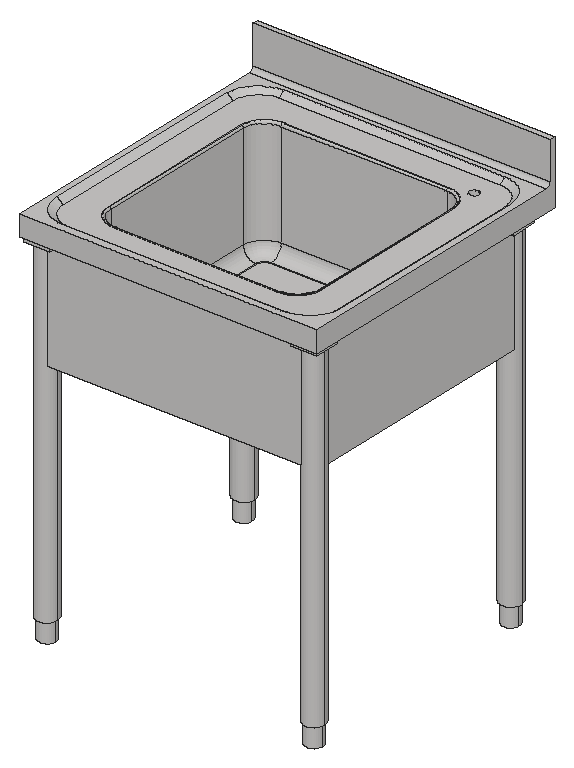
Revit family "QF_ELECTROLUXPROFESSIONAL_133104_LG716EN", category Attrezzature speciali, Revit 2020
Family settings
  Quota connettore circolare = Usa diametro
  Tipo di parte = Normale
  Basato su piano di lavoro = No
  Sempre verticale = Sì
  Taglio con vuoti quando caricato = No
  Condiviso = No
  Punto di calcolo locali = No
Parameters (values of type "Standard")
  Weight = 20.00 kg
  Watts = 0 W
  Volts = 0 V
  URL Manufacturer = "https://www.electroluxprofessional.com/"
  URL = "https://www.electroluxprofessional.com/"
  Steam Supply Size = 0 mm
  Steam Supply Minimum Pressure = 0.0 Pa
  Steam Supply Maximum Pressure = 0.0 Pa
  Steam Consumption per Hour = 0
  Refrigeration Suction Line Size = 0.0 mm
  Refrigeration Liquid Line Size = 0.0 mm
  Refrigerant Compressor Remote = yes
  Prospetto di default = 0.0 mm
  Phase = 0
  Modello = "LG716EN"
  Produttore = "Electrolux Professional"
  Length Actual = 700.0 mm  # constant formula
  Item Number = "133104"
  Hot Water Size = 0 mm
  Height Actual = 900.0 mm  # constant formula
  HP = "0 HP"
  Gas Size = 0 mm
  Gas KW = 0
  Gas Input Pressure = 0 W
  Direct Waste Size = 50.8 mm
  Descrizione = "SINK UNIT 1 BOWL 700 MM"
  Depth Actual = 700.0 mm  # constant formula
  Cycle = 0 Hz
  Condensate Return Size = 0 mm
  Compressed Air Volume = 0.0 L/s
  Compressed Air Size = 0 mm
  Compressed Air Pressure = 0.0 Pa
  Cold Water Size = 0 mm
  Accessory = yes
Reference planes
  plane 1 "Center (Front/Back)": y = 0
  plane 2: z = 0
  plane 3 "Center (Left/Right)": x = 150
  plane 4 "LEFT": x = -200
  plane 5 "RIGHT": x = 500
  plane 6 "BACK": y = 350
  plane 7 "FRONT": y = -350
  plane 8 "Base": z = 850
  plane 9 "TOP": z = 900
  plane 10 "Sink_Base": z = 608
  plane 11 "ScaricoX": x = 320
  plane 12 "ScaricoY": y = 151
  plane 13: z = 441
  plane 14: x = 395
  plane 15: y = 245
Forms (mm)
  Extrusion 1, solid, material "QF_Finishes_Stainless Steel"
    sketch origin (150, 0, 0) x (0, 1, 0) y (0, 0, 1)
      loop
        line (-350, 850) -> (350, 850) -> (350, 1000) -> (337, 1000) -> (337, 910)
        arc (337, 910) -> (334.071, 902.929) -> (327, 900) r 10
        line (327, 900) -> (-350, 900) -> (-350, 850)
    from 350 to -350
  Extrusion 2, void
    sketch origin (0, 0, 900) x (0, 1, 0) y (-1, 0, 0)
      loop
        arc (-214, 100) -> (-252.891, 83.891) -> (-269, 45) r 55
        line (-269, 45) -> (-269, -345)
        arc (-269, -345) -> (-252.874, -383.908) -> (-213.951, -400) r 55
        line (-213.951, -400) -> (176.049, -400)
        arc (176.049, -400) -> (214.908, -383.874) -> (231, -345) r 55
        line (231, -345) -> (231, 45)
        arc (231, 45) -> (214.891, 83.891) -> (176, 100) r 55
        line (176, 100) -> (-214, 100)
    from 0 to -50
  Sweep 3, solid, material "QF_Finishes_Stainless Steel"
    path origin (0, 0, 900) x (0, 1, 0) y (-1, 0, 0)
      loop
        line (176, 100) -> (-214, 100)
        arc (-214, 100) -> (-252.891, 83.891) -> (-269, 45) r 55
        line (-269, 45) -> (-269, -345)
        arc (-269, -345) -> (-252.874, -383.908) -> (-213.951, -400) r 55
        line (-213.951, -400) -> (176.049, -400)
        arc (176.049, -400) -> (214.908, -383.874) -> (231, -345) r 55
        line (231, -345) -> (231, 45)
        arc (231, 45) -> (214.891, 83.891) -> (176, 100) r 55
    profile origin (-100, -19, 900) x (1, 0, 0) y (0, 0, 1)
      loop
        arc (5, -15) -> (3.536, -11.464) -> (0, -10) r 5
        line (0, -10) -> (0, -11.5)
        arc (0, -11.5) -> (2.475, -12.525) -> (3.5, -15) r 3.5
        line (3.5, -15) -> (3.5, -260.5)
        arc (3.5, -260.5) -> (12.726, -282.774) -> (35, -292) r 31.5
        line (35, -292) -> (35, -290.5)
        arc (35, -290.5) -> (13.787, -281.713) -> (5, -260.5) r 30
        line (5, -260.5) -> (5, -15)
  Extrusion 4, solid, material "QF_Finishes_Stainless Steel"
    sketch origin (0, 0, 608) x (0, -1, 0) y (1, 0, 0)
      loop
        arc (-196, -45) -> (-190.142, -59.142) -> (-176, -65) r 20
        line (-176, -65) -> (214, -65)
        arc (214, -65) -> (228.142, -59.142) -> (234, -45) r 20
        line (234, -45) -> (234, 345)
        arc (234, 345) -> (228.132, 359.153) -> (213.97, 365) r 20
        line (213.97, 365) -> (-176.03, 365)
        arc (-176.03, 365) -> (-190.153, 359.132) -> (-196, 345) r 20
        line (-196, 345) -> (-196, -45)
    from 0 to 1.5
  Extrusion 5, void
    sketch origin (0, 0, 608) x (0, -1, 0) y (1, 0, 0)
      loop
        circle (-151, 320) r 28
    from 32.343 to -63.145
  Revolve 6, solid, material "QF_Finishes_White"
    sketch origin (320, 0, 0) x (0, -1, 0) y (0, 0, 1)
      loop
        line (-167.5, 592.617) -> (-167.5, 578.5) -> (-166, 578.5) -> (-166, 593.449) -> (-177.558, 600.671) -> (-177.558, 608) -> (-179.058, 608) -> (-179.058, 599.84) -> (-167.5, 592.617)
      axis (-151, 608) -> (-151, 578.5)
    angle from 0 to 360
  Extrusion 7, void
    sketch origin (0, 0, 608) x (0, -1, 0) y (1, 0, 0)
      loop
        circle (-245, 395) r 11.5
    from 242 to 292
  Blend 8, void
    base sketch origin (0, 0, 608) x (0, -1, 0) y (1, 0, 0)
      loop
        arc (-314.887, -109.887) -> (-292.92, -162.92) -> (-239.887, -184.887) r 75
        line (-239.887, -184.887) -> (259.887, -184.887)
        arc (259.887, -184.887) -> (312.92, -162.92) -> (334.887, -109.887) r 75
        line (334.887, -109.887) -> (334.887, 409.887)
        arc (334.887, 409.887) -> (312.92, 462.92) -> (259.887, 484.887) r 75
        line (259.887, 484.887) -> (-239.887, 484.887)
        arc (-239.887, 484.887) -> (-292.92, 462.92) -> (-314.887, 409.887) r 75
        line (-314.887, 409.887) -> (-314.887, -109.887)
    top sketch origin (0, 0, 900) x (0, 1, 0) y (-1, 0, 0)
      loop
        arc (299.887, 109.887) -> (282.313, 152.313) -> (239.887, 169.887) r 60
        line (239.887, 169.887) -> (-259.887, 169.887)
        arc (-259.887, 169.887) -> (-302.313, 152.313) -> (-319.887, 109.887) r 60
        line (-319.887, 109.887) -> (-319.887, -409.887)
        arc (-319.887, -409.887) -> (-302.313, -452.313) -> (-259.887, -469.887) r 60
        line (-259.887, -469.887) -> (239.887, -469.887)
        arc (239.887, -469.887) -> (282.313, -452.313) -> (299.887, -409.887) r 60
        line (299.887, -409.887) -> (299.887, 109.887)
    from 292 to -10
Cuts and joins
  Extrusion 2, Extrusion 7, Blend 8 cuts Extrusion 1
  Extrusion 5, Blend 8 cuts Extrusion 4
  Blend 8 cuts Sweep 3
  Blend 8 cuts Revolve 6
Lines and regions (mm)
  symbolic lines
    curve 1: line (500, 350, 900) -> (-200, 350, 900)
    curve 2: line (-200, 350, 900) -> (-200, -350, 900)
    curve 3: line (-200, -350, 900) -> (500, -350, 900)
    curve 4: line (500, -350, 900) -> (500, 350, 900)
    curve 5: line (500, 337, 900) -> (-200, 337, 900)
    curve 6: arc (-109.887, 314.887, 608) -> (-162.92, 292.92, 608) -> (-184.887, 239.887, 608) r 75
    curve 7: line (-109.887, 314.887, 608) -> (409.887, 314.887, 608)
    curve 8: arc (484.887, 239.887, 608) -> (462.92, 292.92, 608) -> (409.887, 314.887, 608) r 75
    curve 9: line (-184.887, -259.887, 608) -> (-184.887, 239.887, 608)
    curve 10: arc (-184.887, -259.887, 608) -> (-162.92, -312.92, 608) -> (-109.887, -334.887, 608) r 75
    curve 11: line (409.887, -334.887, 608) -> (-109.887, -334.887, 608)
    curve 12: arc (409.887, -334.887, 608) -> (462.92, -312.92, 608) -> (484.887, -259.887, 608) r 75
    curve 13: line (484.887, 239.887, 608) -> (484.887, -259.887, 608)
    curve 14: arc (-45, 231, 608) -> (-83.891, 214.891, 608) -> (-100, 176, 608) r 55
    curve 15: line (-45, 231, 608) -> (345, 231, 608)
    curve 16: line (-100, -214, 608) -> (-100, 176, 608)
    curve 17: arc (-100, -214, 608) -> (-83.891, -252.891, 608) -> (-45, -269, 608) r 55
    curve 18: line (345, -269, 608) -> (-45, -269, 608)
    curve 19: arc (345, -269, 608) -> (383.908, -252.874, 608) -> (400, -213.951, 608) r 55
    curve 20: line (400, 176.049, 608) -> (400, -213.951, 608)
    curve 21: arc (400, 176.049, 608) -> (383.874, 214.908, 608) -> (345, 231, 608) r 55
    curve 22: line (365, 176.03, 608) -> (365, -213.97, 608)
    curve 23: arc (365, 176.03, 608) -> (359.132, 190.153, 608) -> (345, 196, 608) r 20
    curve 24: line (-45, 196, 608) -> (345, 196, 608)
    curve 25: arc (-45, 196, 608) -> (-59.142, 190.142, 608) -> (-65, 176, 608) r 20
    curve 26: line (-65, -214, 608) -> (-65, 176, 608)
    curve 27: arc (-65, -214, 608) -> (-59.142, -228.142, 608) -> (-45, -234, 608) r 20
    curve 28: line (345, -234, 608) -> (-45, -234, 608)
    curve 29: arc (345, -234, 608) -> (359.153, -228.132, 608) -> (365, -213.97, 608) r 20
    curve 30: circle (320, 151, 608) r 15 normal (0, 0, 1)
    curve 31: circle (320, 151, 608) r 26.558 normal (0, 0, -1)
    curve 32: circle (395, 245, 608) r 11.5 normal (0, 0, 1)
    curve 33: arc (-109.887, 299.887, 900) -> (-152.313, 282.313, 900) -> (-169.887, 239.887, 900) r 60
    curve 34: line (409.887, 299.887, 900) -> (-109.887, 299.887, 900)
    curve 35: arc (469.887, 239.887, 900) -> (452.313, 282.313, 900) -> (409.887, 299.887, 900) r 60
    curve 36: line (469.887, -259.887, 900) -> (469.887, 239.887, 900)
    curve 37: arc (409.887, -319.887, 900) -> (452.313, -302.313, 900) -> (469.887, -259.887, 900) r 60
    curve 38: line (-109.887, -319.887, 900) -> (409.887, -319.887, 900)
    curve 39: arc (-169.887, -259.887, 900) -> (-152.313, -302.313, 900) -> (-109.887, -319.887, 900) r 60
    curve 40: line (-169.887, 239.887, 900) -> (-169.887, -259.887, 900)
Dimensions and locks
  plane 4 "LEFT" to plane 5 "RIGHT" = 700.0 mm
  equal spacing: plane 4 "LEFT", plane 3 "Center (Left/Right)", plane 5 "RIGHT"
  locked: plane 8 "Base" to level at 850
  locked: Extrusion 1 to level at 1000
  plane 9 "TOP" to level = 900.0 mm
  plane 6 "BACK" to plane 7 "FRONT" = 700.0 mm
  equal spacing: plane 6 "BACK", plane 1 "Center (Front/Back)", plane 7 "FRONT"
  plane 10 "Sink_Base" to level = 608.0 mm
  locked: plane 6 "BACK" to plane 12 "ScaricoY" at 199
  locked: plane 11 "ScaricoX" to plane 5 "RIGHT" at 180
  plane 13 to level = 441.0 mm
  locked: plane 6 "BACK" to plane 15 at 105
  plane 14 to plane 5 "RIGHT" = 105.0 mm
  aligned and locked: level to plane 2
  aligned and locked: Extrusion 1 to plane 4 "LEFT"
  aligned and locked: plane 5 "RIGHT" to Extrusion 1
  aligned and locked: curve 2 to plane 4 "LEFT"
Automatic sketch dimensions
  Extrusion 1 sketch curve to plane 7 "FRONT" = 0.0 mm
  Extrusion 1 sketch curve to plane 9 "TOP" = 0.0 mm
  Extrusion 1 sketch curve to plane 6 "BACK" = 0.0 mm
  Extrusion 1 sketch curve to plane 8 "Base" = 0.0 mm
  plane 9 "TOP" to Extrusion 1 sketch curve = 10.0 mm
  Extrusion 1 sketch curve to plane 6 "BACK" = 13.0 mm
  Extrusion 1 sketch curve to Extrusion 1 sketch curve = 90.0 mm
  curve 3 to plane 7 "FRONT" = 0.0 mm
  curve 5 to plane 5 "RIGHT" = 0.0 mm
  curve 4 to plane 6 "BACK" = 0.0 mm
  curve 5 to plane 6 "BACK" = 13.0 mm
  Extrusion 2 sketch curve to Extrusion 2 sketch curve = 55.0 mm  (x4)
  Extrusion 2 sketch curve to Extrusion 2 sketch curve = 0.0 mm  (x5)
  Sweep 3 sketch curve to Sweep 3 sketch curve = 55.0 mm  (x3)
  Sweep 3 sketch curve to Sweep 3 sketch curve = 0.049 mm  (x2)
  Sweep 3 sketch curve to Sweep 3 sketch curve = 0.0 mm  (x4)
  profile plane to Sweep 3 sketch curve = 0.0 mm
  Sweep 3 sketch curve to profile plane = 3.5 mm
  Sweep 3 sketch curve to Sweep 3 sketch curve = 1.5 mm
  Sweep 3 sketch curve to Sweep 3 sketch curve = 30.0 mm
  Sweep 3 sketch curve to plane 9 "TOP" = 260.5 mm
  Sweep 3 sketch curve to plane 9 "TOP" = 15.0 mm
  Extrusion 4 sketch curve to Extrusion 4 sketch curve = 19.97 mm
  Extrusion 4 sketch curve to Extrusion 4 sketch curve = 20.0 mm  (x4)
  Extrusion 4 sketch curve to Extrusion 4 sketch curve = 0.03 mm  (x2)
  Extrusion 4 sketch curve to Extrusion 4 sketch curve = 0.0 mm  (x2)
  Extrusion 5 sketch curve to plane 11 "ScaricoX" = 0.0 mm
  Extrusion 5 sketch curve to plane 12 "ScaricoY" = 0.0 mm
  Revolve 6 sketch curve to plane 12 "ScaricoY" = 0.0 mm
  plane 12 "ScaricoY" to Revolve 6 sketch curve = 15.0 mm
  Revolve 6 sketch curve to Revolve 6 sketch curve = 1.5 mm  (x2)
  plane 10 "Sink_Base" to Revolve 6 sketch curve = 7.329 mm
  Revolve 6 sketch curve to Revolve 6 sketch curve = 10.058 mm
  plane 10 "Sink_Base" to Revolve 6 sketch curve = 8.16 mm
  Revolve 6 sketch curve to Revolve 6 sketch curve = 7.222 mm
  Revolve 6 sketch curve to Revolve 6 sketch curve = 0.831 mm
  Revolve 6 sketch curve to Revolve 6 sketch curve = 14.117 mm
  Revolve 6 sketch curve to Revolve 6 sketch curve = 24.0 mm
  Revolve 6 sketch curve to plane 10 "Sink_Base" = 0.0 mm
  Revolve 6 sketch curve to plane 10 "Sink_Base" = 26.5 mm
  Extrusion 7 sketch curve to plane 14 = 0.0 mm
  Extrusion 7 sketch curve to plane 15 = 0.0 mm
  curve 14 to curve 25 = 0.0 mm  (x3)
  curve 17 to curve 27 = 0.0 mm  (x3)
  curve 19 to curve 29 = 0.0 mm  (x2)
  curve 21 to curve 23 = 0.0 mm  (x2)
  curve 30 to curve 31 = 0.0 mm  (x2)
  curve 32 to plane 14 = 0.0 mm
  curve 32 to plane 15 = 0.0 mm
  curve 31 to plane 11 "ScaricoX" = 0.0 mm
  curve 31 to plane 12 "ScaricoY" = 0.0 mm
  plane 14 to curve 7 = 14.887 mm
  curve 7 to plane 6 "BACK" = 35.113 mm
  curve 8 to plane 15 = 5.113 mm
  curve 6 to plane 15 = 5.113 mm
  curve 15 to plane 15 = 14.0 mm
  curve 14 to curve 24 = 35.0 mm
  plane 14 to curve 20 = 5.0 mm
  plane 12 "ScaricoY" to curve 20 = 25.049 mm
  plane 12 "ScaricoY" to curve 22 = 25.03 mm
  curve 24 to curve 14 = 20.0 mm
  curve 22 to curve 21 = 0.03 mm
  curve 22 to plane 14 = 30.0 mm
  curve 20 to curve 22 = 0.019 mm
  curve 29 to curve 29 = 0.03 mm
  curve 17 to curve 10 = 45.887 mm
  plane 14 to curve 11 = 14.887 mm
  curve 23 to curve 22 = 20.0 mm
  curve 21 to plane 11 "ScaricoX" = 25.0 mm
  curve 15 to curve 21 = 0.0 mm
  curve 23 to curve 21 = 0.0 mm
  curve 24 to curve 23 = 0.0 mm
  Blend 8 sketch curve to plane 15 = 5.113 mm  (x4)
  plane 4 "LEFT" to Blend 8 sketch curve = 15.113 mm
  plane 14 to Blend 8 sketch curve = 14.887 mm  (x4)
  curve 33 to plane 15 = 5.113 mm
  plane 14 to curve 34 = 14.887 mm
  curve 35 to plane 15 = 5.113 mm
  plane 14 to curve 37 = 14.887 mm
  plane 7 "FRONT" to curve 38 = 30.113 mm
  curve 38 to curve 40 = 60.0 mm
  plane 7 "FRONT" to Extrusion 2 sketch curve = 136.049 mm
  plane 7 "FRONT" to Sweep 3 sketch curve = 136.049 mm
  plane 7 "FRONT" to Extrusion 4 sketch curve = 136.03 mm
  plane 7 "FRONT" to curve 20 = 136.049 mm
  curve 16 to curve 27 = 20.0 mm
  plane 7 "FRONT" to curve 13 = 90.113 mm
  plane 7 "FRONT" to Blend 8 sketch curve = 90.113 mm  (x3)
  curve 38 to curve 37 = 60.0 mm
  plane 12 "ScaricoY" to Extrusion 2 sketch curve = 25.0 mm  (x2)
  plane 12 "ScaricoY" to Sweep 3 sketch curve = 25.0 mm  (x2)
  Sweep 3 sketch curve to plane 15 = 14.0 mm
  plane 12 "ScaricoY" to Extrusion 4 sketch curve = 25.0 mm
  plane 4 "LEFT" to curve 34 = 90.113 mm
  plane 4 "LEFT" to Extrusion 2 sketch curve = 155.0 mm  (x2)
  plane 4 "LEFT" to Sweep 3 sketch curve = 155.0 mm
  plane 4 "LEFT" to Extrusion 4 sketch curve = 155.0 mm
  plane 4 "LEFT" to curve 27 = 155.0 mm
  curve 6 to curve 14 = 9.887 mm
  Blend 8 sketch curve to plane 6 "BACK" = 35.113 mm
  Blend 8 sketch curve to Blend 8 sketch curve = 75.0 mm
  plane 4 "LEFT" to Blend 8 sketch curve = 90.113 mm
  plane 7 "FRONT" to Extrusion 2 sketch curve = 136.0 mm
  Extrusion 2 sketch curve to plane 11 "ScaricoX" = 25.0 mm
  Sweep 3 sketch curve to plane 11 "ScaricoX" = 25.0 mm
  Extrusion 4 sketch curve to plane 11 "ScaricoX" = 25.0 mm
  plane 7 "FRONT" to Blend 8 sketch curve = 30.113 mm
  radius of Extrusion 5 sketch curve = 28.0 mm
  radius of Extrusion 7 sketch curve = 11.5 mm
  radius of curve 30 = 15.0 mm
  radius of curve 31 = 26.558 mm
  radius of curve 32 = 11.5 mm
Nested families
  nested 1: "TAV_W700_D50_CASS" at (0, 0, 0), type "TAV_W700_D50_CASS"
Connectors
  piping at (320, 151, 578.5), diameter 50.8, driven by "Direct Waste Size"
    settings: on Revolve 6, index 1, connector inside diameter 609.6 mm, connector length 0.0 mm, flow factor 0, pipe flow 0.0 L/s, pressure drop 0.0 Pa, fitting loss kfactor 0, connector angle 0.00°, fixture units 0, engagement length 0.0 mm, angle of deflection 0.00°, flow configuration 1, flow direction 2, fitting loss method 0, system type 16, joint type 0, gender type 0, connector reference index -1, connector utility 0, adjustable connector no, is connector primary yes, connector description "Drain"
Definition of nested family "TAV_W700_D50_CASS"
  Parameters
    Default Elevation = 0.0 mm
    Model = "TAV_W700_D50_CASS"
    Manufacturer = "Electrolux Professional"
    Description = ""
  Reference planes
    plane 1 "Center (Front/Back)": y = 0
    plane 2: z = 0
    plane 3 "Center (Left/Right)": x = 150
    plane 4 "LEFT": x = -200
    plane 5 "RIGHT": x = 500
    plane 6 "BACK": y = 350
    plane 7 "FRONT": y = -350
    plane 8 "Base": z = 850
    plane 9 "TOP": z = 900
    plane 10: x = -164.5
    plane 11: x = 464.5
    plane 12 "CX2": y = 265
    plane 13 "CX1": y = -314.5
    plane 14: x = -144.5
    plane 15: x = 444.5
    plane 16 "RIPIANO": z = 200
  Forms (mm)
    Extrusion 1, solid
      sketch origin (0, 0.5, 850) x (0, 1, 0) y (-1, 0, 0)
        loop
          line (264.5, 184.5) -> (-315, 184.5) -> (-315, 183) -> (264.5, 183) -> (264.5, 184.5)
        loop
          line (-315, -484.5) -> (264.5, -484.5) -> (264.5, -483) -> (-315, -483) -> (-315, -484.5)
        loop
          line (-335, 164.5) -> (-335, -464.5) -> (-333.5, -464.5) -> (-333.5, 164.5) -> (-335, 164.5)
      from -10 to -260
    Extrusion 2, solid
      sketch origin (-4.534, 0, 850) x (0, 1, 0) y (-1, 0, 0)
        loop
          line (235, 179.966) -> (-284.5, 179.966) -> (-284.5, 139.966) -> (235, 139.966) -> (235, 179.966)
        loop
          line (-334.506, 129.966) -> (-334.506, -439.034) -> (-294.506, -439.034) -> (-294.506, 129.966) -> (-334.506, 129.966)
        loop
          line (-284.5, -489.034) -> (235, -489.034) -> (235, -449.034) -> (-284.5, -449.034) -> (-284.5, -489.034)
        loop
          line (285, 129.966) -> (245, 129.966) -> (245, -439.034) -> (285, -439.034) -> (285, 129.966)
      from 0 to -10
    Revolve 3, solid
      sketch origin (0, -314.5, 0) x (-1, 0, 0) y (0, 0, 1)
        loop
          line (164.5, 840) -> (139.5, 840) -> (139.5, 47) -> (144.5, 47) -> (144.5, 0) -> (164.5, 0) -> (164.5, 840)
        axis (164.5, 840) -> (164.5, 0)
      angle from 0 to 360
    Revolve 4, solid
      sketch origin (629, -314.5, 0) x (-1, 0, 0) y (0, 0, 1)
        loop
          line (164.5, 840) -> (139.5, 840) -> (139.5, 47) -> (144.5, 47) -> (144.5, 0) -> (164.5, 0) -> (164.5, 840)
        axis (164.5, 840) -> (164.5, 0)
      angle from 0 to 360
    Revolve 5, solid
      sketch origin (0, 265, 0) x (-1, 0, 0) y (0, 0, 1)
        loop
          line (164.5, 840) -> (139.5, 840) -> (139.5, 47) -> (144.5, 47) -> (144.5, 0) -> (164.5, 0) -> (164.5, 840)
        axis (164.5, 840) -> (164.5, 0)
      angle from 0 to 360
    Revolve 6, solid
      sketch origin (0, 265, 0) x (-1, 0, 0) y (0, 0, 1)
        loop
          line (-464.5, 840) -> (-489.5, 840) -> (-489.5, 47) -> (-484.5, 47) -> (-484.5, 0) -> (-464.5, 0) -> (-464.5, 840)
        axis (-464.5, 840) -> (-464.5, 0)
      angle from 0 to 360
    Extrusion 7, solid
      sketch origin (0, 0, 850) x (0, 1, 0) y (-1, 0, 0)
        loop
          line (-284.5, 194.5) -> (-344.5, 194.5) -> (-344.5, 134.5) -> (-284.5, 134.5) -> (-284.5, 194.5)
        loop
          line (295, 194.5) -> (235, 194.5) -> (235, 134.5) -> (295, 134.5) -> (295, 194.5)
      from 0 to -10
    Extrusion 8, solid
      sketch origin (0, 0, 850) x (0, 1, 0) y (-1, 0, 0)
        loop
          line (-284.5, -434.5) -> (-344.5, -434.5) -> (-344.5, -494.5) -> (-284.5, -494.5) -> (-284.5, -434.5)
        loop
          line (295, -434.5) -> (235, -434.5) -> (235, -494.5) -> (295, -494.5) -> (295, -434.5)
      from 0 to -10
  Cuts and joins
    joined: Extrusion 1, Revolve 3, Revolve 4, Revolve 5, Revolve 6
  Lines and regions (mm)
    symbolic lines, detail levels coarse
      curve 1: line (-200, 350, 200) -> (500, 350, 200)
      curve 2: line (-200, -350, 200) -> (-200, 350, 200)
      curve 3: line (500, -350, 200) -> (-200, -350, 200)
      curve 4: line (500, 350, 200) -> (500, -350, 200)
  Dimensions and locks
    plane 4 "LEFT" to plane 5 "RIGHT" = 700.0 mm
    equal spacing: plane 4 "LEFT", plane 3 "Center (Left/Right)", plane 5 "RIGHT"
    locked: plane 8 "Base" to level at 850
    plane 4 "LEFT" to plane 10 = 35.5 mm
    plane 11 to plane 5 "RIGHT" = 35.5 mm
    plane 10 to plane 11 = 629.0 mm
    plane 9 "TOP" to level = 900.0 mm
    plane 6 "BACK" to plane 12 "CX2" = 85.0 mm
    plane 13 "CX1" to plane 7 "FRONT" = 35.5 mm
    plane 6 "BACK" to plane 7 "FRONT" = 700.0 mm
    plane 12 "CX2" to plane 13 "CX1" = 579.5 mm
    equal spacing: plane 6 "BACK", plane 1 "Center (Front/Back)", plane 7 "FRONT"
    locked: plane 14 to plane 4 "LEFT" at 55.5
    locked: plane 5 "RIGHT" to plane 15 at 55.5
    plane 16 "RIPIANO" to level = 200.0 mm
    plane 2 to plane 16 "RIPIANO" to plane 8 "Base" = 200.0 mm, 650.0 mm
    aligned and locked: level to plane 2
    aligned and locked: Extrusion 1 to Extrusion 2
    aligned and locked: plane 10 to Revolve 3 sketch curve
    aligned and locked: Extrusion 1 sketch curve to plane 12 "CX2"  (x2)
    aligned and locked: Extrusion 1 sketch curve to plane 13 "CX1"  (x2)
    aligned and locked: Extrusion 1 sketch curve to plane 10
    aligned and locked: plane 11 to Extrusion 1 sketch curve
  Automatic sketch dimensions
    Extrusion 2 sketch curve to plane 15 = 0.0 mm
    Extrusion 2 sketch curve to plane 14 = 0.0 mm
    plane 7 "FRONT" to Extrusion 2 sketch curve = 15.494 mm
    plane 13 "CX1" to Extrusion 2 sketch curve = 19.994 mm
    plane 13 "CX1" to Extrusion 2 sketch curve = 30.0 mm  (x2)
    Extrusion 2 sketch curve to plane 12 "CX2" = 30.0 mm  (x2)
    Extrusion 2 sketch curve to Extrusion 2 sketch curve = 10.0 mm
    plane 12 "CX2" to Extrusion 2 sketch curve = 20.0 mm
    Extrusion 2 sketch curve to plane 5 "RIGHT" = 15.5 mm
    plane 15 to Extrusion 2 sketch curve = 10.0 mm  (x2)
    Extrusion 2 sketch curve to plane 14 = 10.0 mm  (x2)
    plane 4 "LEFT" to Extrusion 2 sketch curve = 15.5 mm
    curve 3 to plane 4 "LEFT" = 0.0 mm
    curve 3 to plane 7 "FRONT" = 0.0 mm
    curve 2 to plane 6 "BACK" = 0.0 mm
    curve 1 to plane 5 "RIGHT" = 0.0 mm
    Revolve 3 sketch curve to level = 0.0 mm
    Revolve 3 sketch curve to plane 14 = 0.0 mm
    Revolve 3 sketch curve to plane 10 = 0.0 mm
    Revolve 3 sketch curve to plane 14 = 5.0 mm
    level to Revolve 3 sketch curve = 47.0 mm
    Revolve 3 sketch curve to plane 8 "Base" = 10.0 mm
    Revolve 3 sketch curve to Revolve 3 sketch curve = 304.8 mm
    Revolve 3 sketch curve to Revolve 3 sketch curve = 0.0 mm
    Revolve 4 sketch curve to level = 0.0 mm
    Revolve 4 sketch curve to plane 11 = 0.0 mm  (x2)
    Revolve 4 sketch curve to plane 5 "RIGHT" = 15.5 mm
    Revolve 4 sketch curve to plane 5 "RIGHT" = 10.5 mm
    level to Revolve 4 sketch curve = 47.0 mm
    Revolve 4 sketch curve to plane 8 "Base" = 10.0 mm
    Revolve 4 sketch curve to level = 304.8 mm
    Revolve 4 sketch curve to Revolve 4 sketch curve = 0.0 mm
    Revolve 5 sketch curve to level = 0.0 mm
    Revolve 5 sketch curve to plane 14 = 0.0 mm
    Revolve 5 sketch curve to plane 10 = 0.0 mm  (x2)
    Revolve 5 sketch curve to plane 14 = 5.0 mm
    level to Revolve 5 sketch curve = 47.0 mm
    Revolve 5 sketch curve to plane 8 "Base" = 10.0 mm
    Revolve 5 sketch curve to Revolve 5 sketch curve = 304.8 mm
    Revolve 5 sketch curve to Revolve 5 sketch curve = 0.0 mm
    Revolve 6 sketch curve to level = 0.0 mm
    Revolve 6 sketch curve to plane 11 = 0.0 mm  (x2)
    Revolve 6 sketch curve to plane 5 "RIGHT" = 15.5 mm
    Revolve 6 sketch curve to plane 5 "RIGHT" = 10.5 mm
    level to Revolve 6 sketch curve = 47.0 mm
    Revolve 6 sketch curve to plane 8 "Base" = 10.0 mm
    Revolve 6 sketch curve to level = 304.8 mm
    Revolve 6 sketch curve to Revolve 6 sketch curve = 0.0 mm
    plane 7 "FRONT" to Extrusion 7 sketch curve = 5.5 mm
    Extrusion 7 sketch curve to plane 14 = 10.0 mm  (x2)
    plane 13 "CX1" to Extrusion 7 sketch curve = 30.0 mm
    plane 4 "LEFT" to Extrusion 7 sketch curve = 5.5 mm  (x2)
    Extrusion 7 sketch curve to plane 12 "CX2" = 30.0 mm
    plane 12 "CX2" to Extrusion 7 sketch curve = 30.0 mm
    plane 7 "FRONT" to Extrusion 8 sketch curve = 5.5 mm
    Extrusion 8 sketch curve to plane 5 "RIGHT" = 5.5 mm  (x2)
    plane 13 "CX1" to Extrusion 8 sketch curve = 30.0 mm
    plane 15 to Extrusion 8 sketch curve = 10.0 mm  (x2)
    Extrusion 8 sketch curve to plane 12 "CX2" = 30.0 mm
    plane 12 "CX2" to Extrusion 8 sketch curve = 30.0 mm
    plane 7 "FRONT" to Extrusion 1 sketch curve = 17.0 mm
    Extrusion 1 sketch curve to Extrusion 1 sketch curve = 1.5 mm  (x3)
    Extrusion 1 sketch curve to plane 5 "RIGHT" = 17.0 mm
    plane 4 "LEFT" to Extrusion 1 sketch curve = 17.0 mm
